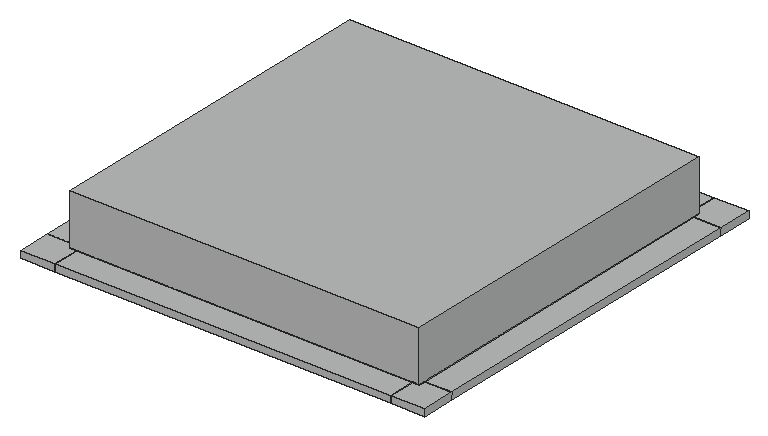
Revit family "ALUMOGIPS", category Осветительные приборы, Revit 2019 (continued)
Types (72, lengths in mm): name | Файл фотометрической сетки | built-in parameter 1150105 | Lumens | built-in parameter 1150106 | built-in parameter 1150142 | Wattage | Emit from Rectangle Width | Emit from Rectangle Length | Длина | Материал светильника | Ширина | ADSK_Ток | ADSK_Полная мощность | ADSK_Обозначение | ADSK_Номинальная мощность | ADSK_Наименование | ADSK_Масса | ADSK_Код изделия
  Alumogips-38/opal-sand 595х595 (IP54, 4000К, серый) c БАП на 1 час | "Светильник ALUMOGIPS-38 OPAL-SAND-(595x595).IES" | 302.39 (stored number, unit not read) | 3800 lm | 3.0239 (stored number, unit not read) | "IESNA:LM-63-95\r\n[TEST] Протокол № 50-12 \r\n[DATA] 20.06.2016\r\n[MORE] \r\n[MANUFAC] ЗАО \"Центрстройсвет\"\r\n[LUMCAT]  Светильник ALUMOGIPS-38/OPAL-SAND-(595x595)\r\n[LUMINAIRE]\r\n[LAMPCAT] Светодиоды\r\n[LAMP] Поток источника света (светодиодов) не известен\r\n[MORE] КСС приведена в абсолютных величинах кд\r\n[MORE] Вместо потока лампы, указан поток светильника.\r\nTILT=NONE\r\n1    3750 1.0 37 73 1 2 0.595 0.595 0.04\r\n1.0 1.0 38.7\r\n0.0 5.0 10.0 15.0 20.0 25.0 30.0 35.0 40.0 45.0 50.0 55.0 60.0 65.0 70.0 75.0 80.0 85.0 90.0 95.0 100.0 105.0 110.0 115.0 120.0 125.0 130.0 135.0 140.0 145.0 150.0 155.0 160.0 165.0 170.0 175.0 180.0\r\n0.0 5.0 10.0 15.0 20.0 25.0 30.0 35.0 40.0 45.0 50.0 55.0 60.0 65.0 70.0 75.0 80.0 85.0 90.0 95.0 100.0 105.0 110.0 115.0 120.0 125.0 130.0 135.0 140.0 145.0 150.0 155.0 160.0 165.0 170.0 175.0 180.0 185.0 190.0 195.0 200.0 205.0 210.0 215.0 220.0 225.0 230.0 235.0 240.0 245.0 250.0 255.0 260.0 265.0 270.0 275.0 280.0 285.0 290.0 295.0 300.0 305.0 310.0 315.0 320.0 325.0 330.0 335.0 340.0 345.0 350.0 355.0 360.0\r\n1391.4 1390.6 1365.7 1330.6 1277.5 1214.9 1147.5 1059.6 967.6 873.2 772.4 664.9 556.3 449.1 342.7 240.6 147.1 64.2 4.7 0.0 0.0 0.0 0.0 0.0 0.0 0.0 0.0 0.0 0.0 0.0 0.0 0.0 0.0 0.0 0.0 0.0 0.0\r\n1391.4 1390.5 1367.8 1332.7 1284.3 1221.3 1147.0 1062.1 969.2 872.4 773.2 666.3 557.1 450.1 343.8 241.9 146.9 64.7 5.2 0.0 0.0 0.0 0.0 0.0 0.0 0.0 0.0 0.0 0.0 0.0 0.0 0.0 0.0 0.0 0.0 0.0 0.0\r\n1391.4 1390.2 1372.0 1333.3 1277.3 1216.8 1144.5 1057.4 969.6 875.1 773.8 669.5 560.0 454.6 345.8 242.4 148.5 65.8 5.4 0.0 0.0 0.0 0.0 0.0 0.0 0.0 0.0 0.0 0.0 0.0 0.0 0.0 0.0 0.0 0.0 0.0 0.0\r\n1391.4 1389.8 1371.2 1330.7 1279.5 1220.5 1148.3 1059.9 967.7 873.2 767.5 666.8 561.4 453.0 347.1 243.7 149.9 65.6 5.8 0.0 0.0 0.0 0.0 0.0 0.0 0.0 0.0 0.0 0.0 0.0 0.0 0.0 0.0 0.0 0.0 0.0 0.0\r\n1391.4 1389.8 1368.3 1329.3 1285.0 1214.6 1141.1 1058.7 971.8 871.3 775.2 666.9 559.4 452.6 345.8 242.5 150.0 65.8 6.1 0.0 0.0 0.0 0.0 0.0 0.0 0.0 0.0 0.0 0.0 0.0 0.0 0.0 0.0 0.0 0.0 0.0 0.0\r\n1391.4 1390.5 1367.3 1332.3 1281.7 1219.0 1142.8 1064.6 970.5 874.4 772.1 667.5 560.2 453.0 346.2 241.8 149.4 65.7 5.6 0.0 0.0 0.0 0.0 0.0 0.0 0.0 0.0 0.0 0.0 0.0 0.0 0.0 0.0 0.0 0.0 0.0 0.0\r\n1391.4 1391.4 1368.1 1333.5 1277.3 1215.7 1139.0 1059.6 968.1 872.4 771.6 667.4 558.8 453.3 344.3 243.9 148.4 65.7 5.4 0.0 0.0 0.0 0.0 0.0 0.0 0.0 0.0 0.0 0.0 0.0 0.0 0.0 0.0 0.0 0.0 0.0 0.0\r\n1391.4 1391.7 1368.1 1330.4 1278.2 1213.9 1142.4 1061.6 967.4 875.1 772.0 669.3 561.1 452.5 345.2 242.1 148.3 65.4 5.5 0.0 0.0 0.0 0.0 0.0 0.0 0.0 0.0 0.0 0.0 0.0 0.0 0.0 0.0 0.0 0.0 0.0 0.0\r\n1391.4 1391.5 1371.0 1328.4 1278.5 1216.7 1142.1 1061.2 971.8 874.7 772.1 668.9 560.8 452.9 345.4 243.3 147.7 66.0 5.4 0.0 0.0 0.0 0.0 0.0 0.0 0.0 0.0 0.0 0.0 0.0 0.0 0.0 0.0 0.0 0.0 0.0 0.0\r\n1391.4 1391.5 1373.2 1330.5 1277.3 1215.5 1143.2 1063.6 967.0 872.7 772.2 669.4 558.9 453.2 346.6 241.9 148.1 65.2 5.5 0.0 0.0 0.0 0.0 0.0 0.0 0.0 0.0 0.0 0.0 0.0 0.0 0.0 0.0 0.0 0.0 0.0 0.0\r\n1391.4 1391.4 1369.7 1328.3 1281.3 1216.0 1139.8 1057.9 968.7 875.3 773.9 667.6 561.8 454.0 344.0 243.1 147.2 65.6 5.5 0.0 0.0 0.0 0.0 0.0 0.0 0.0 0.0 0.0 0.0 0.0 0.0 0.0 0.0 0.0 0.0 0.0 0.0\r\n1391.4 1390.5 1367.9 1330.1 1278.1 1218.1 1138.9 1061.0 970.0 871.8 770.4 669.3 560.2 453.4 346.9 242.1 148.3 65.2 5.2 0.0 0.0 0.0 0.0 0.0 0.0 0.0 0.0 0.0 0.0 0.0 0.0 0.0 0.0 0.0 0.0 0.0 0.0\r\n1391.4 1389.3 1368.2 1329.1 1280.8 1214.4 1142.5 1059.2 967.2 874.3 772.4 668.0 563.1 452.3 345.7 242.8 146.8 64.9 5.1 0.0 0.0 0.0 0.0 0.0 0.0 0.0 0.0 0.0 0.0 0.0 0.0 0.0 0.0 0.0 0.0 0.0 0.0\r\n1391.4 1388.6 1367.4 1327.8 1278.0 1215.7 1141.0 1061.0 971.5 877.3 771.2 667.3 561.5 453.0 346.4 242.4 146.3 64.8 5.2 0.0 0.0 0.0 0.0 0.0 0.0 0.0 0.0 0.0 0.0 0.0 0.0 0.0 0.0 0.0 0.0 0.0 0.0\r\n1391.4 1388.0 1367.6 1326.7 1278.3 1218.0 1140.9 1061.5 968.4 873.4 770.1 666.6 562.1 454.6 344.8 241.8 146.4 64.0 5.5 0.0 0.0 0.0 0.0 0.0 0.0 0.0 0.0 0.0 0.0 0.0 0.0 0.0 0.0 0.0 0.0 0.0 0.0\r\n1391.4 1387.2 1366.1 1331.0 1281.4 1216.3 1142.7 1059.1 969.4 871.5 772.2 667.3 560.5 453.0 344.4 242.2 146.4 63.8 5.6 0.0 0.0 0.0 0.0 0.0 0.0 0.0 0.0 0.0 0.0 0.0 0.0 0.0 0.0 0.0 0.0 0.0 0.0\r\n1391.4 1387.1 1366.3 1328.7 1276.9 1214.5 1141.2 1059.3 968.4 874.3 775.5 668.3 562.5 454.9 346.4 241.3 146.2 63.5 5.7 0.0 0.0 0.0 0.0 0.0 0.0 0.0 0.0 0.0 0.0 0.0 0.0 0.0 0.0 0.0 0.0 0.0 0.0\r\n1391.4 1388.4 1366.0 1329.7 1279.2 1217.9 1140.0 1060.5 969.0 873.9 772.0 671.3 560.4 453.2 343.7 241.7 145.8 63.7 5.4 0.0 0.0 0.0 0.0 0.0 0.0 0.0 0.0 0.0 0.0 0.0 0.0 0.0 0.0 0.0 0.0 0.0 0.0\r\n1391.4 1389.6 1367.7 1329.3 1277.2 1211.1 1140.1 1061.0 971.0 871.2 769.2 669.1 561.5 453.1 343.3 241.9 145.8 63.4 5.2 0.0 0.0 0.0 0.0 0.0 0.0 0.0 0.0 0.0 0.0 0.0 0.0 0.0 0.0 0.0 0.0 0.0 0.0\r\n1391.4 1388.8 1366.9 1327.1 1279.4 1214.2 1142.5 1056.4 970.7 870.3 771.0 665.1 560.4 453.3 343.8 241.1 145.7 63.4 5.2 0.0 0.0 0.0 0.0 0.0 0.0 0.0 0.0 0.0 0.0 0.0 0.0 0.0 0.0 0.0 0.0 0.0 0.0\r\n1391.4 1387.2 1365.8 1328.9 1276.6 1210.2 1141.4 1059.3 966.6 871.4 770.5 667.4 559.2 451.4 344.2 241.0 145.6 63.2 5.1 0.0 0.0 0.0 0.0 0.0 0.0 0.0 0.0 0.0 0.0 0.0 0.0 0.0 0.0 0.0 0.0 0.0 0.0\r\n1391.4 1386.8 1364.4 1329.8 1279.4 1213.7 1144.0 1059.0 965.3 873.7 768.8 668.9 559.4 449.5 342.6 241.5 144.6 63.4 5.0 0.0 0.0 0.0 0.0 0.0 0.0 0.0 0.0 0.0 0.0 0.0 0.0 0.0 0.0 0.0 0.0 0.0 0.0\r\n1391.4 1388.1 1365.8 1328.1 1273.8 1213.4 1137.9 1059.2 967.3 869.2 769.3 667.7 558.4 451.4 344.0 240.6 145.7 63.4 4.9 0.0 0.0 0.0 0.0 0.0 0.0 0.0 0.0 0.0 0.0 0.0 0.0 0.0 0.0 0.0 0.0 0.0 0.0\r\n1391.4 1389.2 1364.4 1323.2 1276.3 1213.8 1137.6 1055.3 963.1 871.0 767.7 664.1 559.7 447.1 342.4 240.1 145.2 63.9 5.1 0.0 0.0 0.0 0.0 0.0 0.0 0.0 0.0 0.0 0.0 0.0 0.0 0.0 0.0 0.0 0.0 0.0 0.0\r\n1391.4 1388.4 1362.3 1326.8 1274.4 1212.2 1137.9 1054.7 966.7 867.9 768.7 663.4 557.3 449.2 343.3 240.0 145.7 63.6 5.0 0.0 0.0 0.0 0.0 0.0 0.0 0.0 0.0 0.0 0.0 0.0 0.0 0.0 0.0 0.0 0.0 0.0 0.0\r\n1391.4 1386.2 1361.8 1326.5 1273.3 1211.2 1134.5 1048.6 964.3 866.3 767.8 662.9 556.7 449.5 341.9 239.8 145.7 63.7 5.0 0.0 0.0 0.0 0.0 0.0 0.0 0.0 0.0 0.0 0.0 0.0 0.0 0.0 0.0 0.0 0.0 0.0 0.0\r\n1391.4 1384.4 1363.5 1324.4 1272.0 1209.5 1137.2 1053.0 960.2 867.5 767.9 662.7 556.7 449.2 342.5 239.1 146.2 63.8 4.8 0.0 0.0 0.0 0.0 0.0 0.0 0.0 0.0 0.0 0.0 0.0 0.0 0.0 0.0 0.0 0.0 0.0 0.0\r\n1391.4 1383.7 1362.4 1324.4 1274.0 1209.5 1134.4 1050.1 965.4 864.9 764.6 662.3 556.6 447.9 340.5 240.3 145.5 64.6 4.6 0.0 0.0 0.0 0.0 0.0 0.0 0.0 0.0 0.0 0.0 0.0 0.0 0.0 0.0 0.0 0.0 0.0 0.0\r\n1391.4 1384.4 1361.9 1326.9 1270.2 1207.3 1132.7 1050.1 959.7 867.7 763.1 662.2 555.0 447.3 343.0 238.3 145.8 63.9 4.7 0.0 0.0 0.0 0.0 0.0 0.0 0.0 0.0 0.0 0.0 0.0 0.0 0.0 0.0 0.0 0.0 0.0 0.0\r\n1391.4 1385.1 1363.0 1320.0 1270.4 1207.9 1134.4 1055.0 963.5 867.3 766.7 660.7 555.9 450.1 342.6 240.2 145.9 64.3 4.9 0.0 0.0 0.0 0.0 0.0 0.0 0.0 0.0 0.0 0.0 0.0 0.0 0.0 0.0 0.0 0.0 0.0 0.0\r\n1391.4 1384.9 1362.3 1321.4 1273.1 1208.0 1135.4 1052.3 961.9 865.0 764.0 660.8 553.5 447.6 341.2 240.3 146.1 63.8 4.8 0.0 0.0 0.0 0.0 0.0 0.0 0.0 0.0 0.0 0.0 0.0 0.0 0.0 0.0 0.0 0.0 0.0 0.0\r\n1391.4 1383.8 1361.2 1322.1 1265.1 1211.5 1132.8 1049.3 961.3 863.4 764.0 661.0 550.7 447.9 341.0 240.1 146.2 63.8 4.6 0.0 0.0 0.0 0.0 0.0 0.0 0.0 0.0 0.0 0.0 0.0 0.0 0.0 0.0 0.0 0.0 0.0 0.0\r\n1391.4 1382.8 1359.3 1321.5 1269.3 1206.8 1132.8 1051.1 958.3 863.2 763.1 662.7 553.4 448.0 340.4 240.0 145.8 63.8 4.0 0.0 0.0 0.0 0.0 0.0 0.0 0.0 0.0 0.0 0.0 0.0 0.0 0.0 0.0 0.0 0.0 0.0 0.0\r\n1391.4 1382.6 1359.0 1319.6 1268.1 1204.3 1129.8 1049.0 957.7 861.8 761.7 658.4 554.2 446.1 340.4 239.0 145.6 63.8 3.8 0.0 0.0 0.0 0.0 0.0 0.0 0.0 0.0 0.0 0.0 0.0 0.0 0.0 0.0 0.0 0.0 0.0 0.0\r\n1391.4 1382.8 1358.5 1315.8 1266.5 1202.1 1128.5 1049.2 957.6 860.0 762.1 658.2 549.9 443.8 339.6 238.4 145.7 63.6 3.7 0.0 0.0 0.0 0.0 0.0 0.0 0.0 0.0 0.0 0.0 0.0 0.0 0.0 0.0 0.0 0.0 0.0 0.0\r\n1391.4 1382.2 1360.5 1319.2 1265.9 1204.5 1129.9 1046.9 955.0 862.9 758.9 657.9 552.5 444.9 338.9 238.8 145.3 63.6 3.3 0.0 0.0 0.0 0.0 0.0 0.0 0.0 0.0 0.0 0.0 0.0 0.0 0.0 0.0 0.0 0.0 0.0 0.0\r\n1391.4 1381.1 1361.2 1321.0 1268.1 1203.8 1128.8 1047.4 955.6 863.7 761.1 656.4 551.5 445.2 339.2 238.5 144.7 62.5 3.5 0.0 0.0 0.0 0.0 0.0 0.0 0.0 0.0 0.0 0.0 0.0 0.0 0.0 0.0 0.0 0.0 0.0 0.0\r\n1391.4 1380.6 1359.0 1316.4 1268.5 1204.0 1126.1 1049.5 956.2 859.6 759.7 656.5 549.2 444.3 338.4 236.1 143.8 61.6 3.2 0.0 0.0 0.0 0.0 0.0 0.0 0.0 0.0 0.0 0.0 0.0 0.0 0.0 0.0 0.0 0.0 0.0 0.0\r\n1391.4 1380.7 1356.6 1316.0 1267.0 1205.6 1130.3 1044.8 956.9 856.7 759.3 653.5 548.1 441.9 335.3 235.4 141.4 60.3 2.9 0.0 0.0 0.0 0.0 0.0 0.0 0.0 0.0 0.0 0.0 0.0 0.0 0.0 0.0 0.0 0.0 0.0 0.0\r\n1391.4 1380.4 1354.4 1317.9 1268.8 1199.0 1129.0 1044.0 956.9 860.6 758.3 656.9 549.1 442.0 334.4 236.1 141.7 60.5 2.6 0.0 0.0 0.0 0.0 0.0 0.0 0.0 0.0 0.0 0.0 0.0 0.0 0.0 0.0 0.0 0.0 0.0 0.0\r\n1391.4 1380.1 1356.7 1322.1 1264.6 1201.7 1129.9 1047.4 957.2 859.7 758.2 656.1 549.4 442.8 335.3 235.8 141.3 60.6 2.3 0.0 0.0 0.0 0.0 0.0 0.0 0.0 0.0 0.0 0.0 0.0 0.0 0.0 0.0 0.0 0.0 0.0 0.0\r\n1391.4 1379.9 1357.3 1317.5 1265.9 1207.8 1129.2 1046.5 955.7 860.2 758.6 656.9 550.7 441.9 335.4 233.9 140.6 60.2 2.4 0.0 0.0 0.0 0.0 0.0 0.0 0.0 0.0 0.0 0.0 0.0 0.0 0.0 0.0 0.0 0.0 0.0 0.0\r\n1391.4 1379.2 1355.5 1314.6 1269.3 1203.7 1133.5 1044.8 957.2 857.9 762.0 656.6 548.7 440.4 335.9 234.5 140.4 59.8 2.8 0.0 0.0 0.0 0.0 0.0 0.0 0.0 0.0 0.0 0.0 0.0 0.0 0.0 0.0 0.0 0.0 0.0 0.0\r\n1391.4 1377.9 1357.1 1319.2 1271.9 1204.4 1128.6 1050.2 953.1 856.9 757.6 653.7 548.9 439.9 335.4 232.4 140.5 59.2 3.0 0.0 0.0 0.0 0.0 0.0 0.0 0.0 0.0 0.0 0.0 0.0 0.0 0.0 0.0 0.0 0.0 0.0 0.0\r\n1391.4 1377.2 1356.3 1322.9 1266.0 1204.8 1132.2 1049.0 958.1 859.3 759.0 654.6 547.0 441.6 334.9 232.1 139.3 58.8 2.9 0.0 0.0 0.0 0.0 0.0 0.0 0.0 0.0 0.0 0.0 0.0 0.0 0.0 0.0 0.0 0.0 0.0 0.0\r\n1391.4 1377.8 1353.8 1319.7 1269.6 1207.9 1135.8 1049.5 955.8 858.0 762.4 655.9 548.2 441.6 335.6 231.7 139.4 58.8 2.8 0.0 0.0 0.0 0.0 0.0 0.0 0.0 0.0 0.0 0.0 0.0 0.0 0.0 0.0 0.0 0.0 0.0 0.0\r\n1391.4 1378.5 1355.2 1319.8 1267.3 1206.5 1131.2 1046.1 954.6 861.2 756.6 653.8 548.1 440.3 335.0 232.6 138.6 59.0 2.9 0.0 0.0 0.0 0.0 0.0 0.0 0.0 0.0 0.0 0.0 0.0 0.0 0.0 0.0 0.0 0.0 0.0 0.0\r\n1391.4 1378.6 1355.1 1318.3 1269.7 1200.8 1133.1 1049.0 957.6 862.5 762.4 656.9 549.3 443.5 334.7 231.2 138.8 58.1 3.0 0.0 0.0 0.0 0.0 0.0 0.0 0.0 0.0 0.0 0.0 0.0 0.0 0.0 0.0 0.0 0.0 0.0 0.0\r\n1391.4 1378.8 1355.8 1321.7 1268.8 1210.0 1129.0 1048.5 958.8 862.4 762.2 656.4 549.0 441.1 335.4 231.5 138.5 58.1 3.0 0.0 0.0 0.0 0.0 0.0 0.0 0.0 0.0 0.0 0.0 0.0 0.0 0.0 0.0 0.0 0.0 0.0 0.0\r\n1391.4 1379.6 1357.6 1321.7 1269.0 1207.1 1133.9 1047.0 964.1 863.3 761.9 656.4 551.5 440.7 334.9 232.2 137.6 58.1 2.8 0.0 0.0 0.0 0.0 0.0 0.0 0.0 0.0 0.0 0.0 0.0 0.0 0.0 0.0 0.0 0.0 0.0 0.0\r\n1391.4 1380.6 1357.7 1319.2 1272.0 1207.5 1131.3 1054.6 959.0 863.3 764.8 655.9 549.1 443.0 335.1 231.3 138.0 58.1 2.7 0.0 0.0 0.0 0.0 0.0 0.0 0.0 0.0 0.0 0.0 0.0 0.0 0.0 0.0 0.0 0.0 0.0 0.0\r\n1391.4 1381.5 1358.5 1321.9 1271.0 1204.1 1135.9 1055.8 962.5 865.5 761.1 656.9 550.6 442.0 335.3 231.9 137.4 57.9 2.6 0.0 0.0 0.0 0.0 0.0 0.0 0.0 0.0 0.0 0.0 0.0 0.0 0.0 0.0 0.0 0.0 0.0 0.0\r\n1391.4 1381.3 1358.5 1322.3 1270.8 1207.2 1133.7 1051.9 958.0 867.3 767.5 657.0 552.1 442.3 333.6 231.2 137.9 57.8 2.6 0.0 0.0 0.0 0.0 0.0 0.0 0.0 0.0 0.0 0.0 0.0 0.0 0.0 0.0 0.0 0.0 0.0 0.0\r\n1391.4 1380.6 1359.4 1319.7 1270.6 1209.0 1133.0 1052.1 963.9 867.5 764.1 660.0 554.0 443.3 334.8 231.7 137.6 57.8 2.7 0.0 0.0 0.0 0.0 0.0 0.0 0.0 0.0 0.0 0.0 0.0 0.0 0.0 0.0 0.0 0.0 0.0 0.0\r\n1391.4 1381.3 1359.9 1321.3 1270.6 1204.8 1135.0 1051.3 962.1 865.5 761.7 660.3 553.1 443.5 334.1 231.9 137.9 57.8 2.8 0.0 0.0 0.0 0.0 0.0 0.0 0.0 0.0 0.0 0.0 0.0 0.0 0.0 0.0 0.0 0.0 0.0 0.0\r\n1391.4 1383.1 1362.1 1324.8 1273.8 1208.7 1134.8 1055.9 961.8 866.4 762.3 659.7 552.4 443.7 334.4 232.8 138.0 58.0 2.8 0.0 0.0 0.0 0.0 0.0 0.0 0.0 0.0 0.0 0.0 0.0 0.0 0.0 0.0 0.0 0.0 0.0 0.0\r\n1391.4 1384.6 1360.4 1321.7 1272.0 1210.6 1130.9 1052.5 963.1 866.7 767.4 659.3 553.7 444.6 335.4 233.1 138.3 58.0 2.8 0.0 0.0 0.0 0.0 0.0 0.0 0.0 0.0 0.0 0.0 0.0 0.0 0.0 0.0 0.0 0.0 0.0 0.0\r\n1391.4 1385.6 1357.5 1324.7 1273.9 1211.6 1134.3 1052.7 963.6 865.4 763.1 658.7 552.2 444.9 336.9 232.8 138.8 58.6 2.9 0.0 0.0 0.0 0.0 0.0 0.0 0.0 0.0 0.0 0.0 0.0 0.0 0.0 0.0 0.0 0.0 0.0 0.0\r\n1391.4 1386.4 1357.8 1323.4 1273.2 1212.2 1136.3 1054.7 967.5 867.5 764.0 659.4 553.3 443.7 336.8 233.2 138.9 58.5 3.1 0.0 0.0 0.0 0.0 0.0 0.0 0.0 0.0 0.0 0.0 0.0 0.0 0.0 0.0 0.0 0.0 0.0 0.0\r\n1391.4 1386.6 1362.0 1324.9 1273.2 1211.3 1139.0 1049.9 960.3 866.4 768.0 661.3 552.2 443.4 336.3 233.4 139.8 58.9 3.1 0.0 0.0 0.0 0.0 0.0 0.0 0.0 0.0 0.0 0.0 0.0 0.0 0.0 0.0 0.0 0.0 0.0 0.0\r\n1391.4 1386.0 1360.5 1326.0 1271.8 1212.0 1137.2 1059.3 963.5 867.6 766.9 661.2 552.3 445.8 337.8 233.6 141.0 59.2 3.3 0.0 0.0 0.0 0.0 0.0 0.0 0.0 0.0 0.0 0.0 0.0 0.0 0.0 0.0 0.0 0.0 0.0 0.0\r\n1391.4 1385.0 1362.3 1325.1 1272.0 1207.1 1138.5 1053.6 964.5 865.8 766.5 661.6 554.3 445.9 337.0 234.5 140.4 60.2 3.5 0.0 0.0 0.0 0.0 0.0 0.0 0.0 0.0 0.0 0.0 0.0 0.0 0.0 0.0 0.0 0.0 0.0 0.0\r\n1391.4 1384.4 1361.8 1323.6 1274.0 1214.8 1138.9 1053.9 968.0 867.9 769.0 663.8 555.6 446.7 339.6 235.0 141.3 60.4 3.4 0.0 0.0 0.0 0.0 0.0 0.0 0.0 0.0 0.0 0.0 0.0 0.0 0.0 0.0 0.0 0.0 0.0 0.0\r\n1391.4 1385.0 1360.9 1322.2 1272.4 1209.8 1137.2 1055.7 962.7 869.7 769.6 658.2 556.6 447.4 338.5 236.2 142.5 60.7 3.4 0.0 0.0 0.0 0.0 0.0 0.0 0.0 0.0 0.0 0.0 0.0 0.0 0.0 0.0 0.0 0.0 0.0 0.0\r\n1391.4 1386.6 1363.1 1323.6 1272.5 1211.5 1139.2 1058.4 969.9 868.0 768.8 664.6 556.3 445.8 342.1 236.1 142.3 61.2 3.5 0.0 0.0 0.0 0.0 0.0 0.0 0.0 0.0 0.0 0.0 0.0 0.0 0.0 0.0 0.0 0.0 0.0 0.0\r\n1391.4 1388.6 1360.9 1330.2 1273.7 1213.2 1138.7 1058.3 966.2 867.0 766.8 663.4 553.3 447.1 339.2 238.7 143.0 61.4 3.8 0.0 0.0 0.0 0.0 0.0 0.0 0.0 0.0 0.0 0.0 0.0 0.0 0.0 0.0 0.0 0.0 0.0 0.0\r\n1391.4 1389.8 1360.8 1328.4 1276.8 1216.0 1140.1 1055.8 963.1 870.3 768.4 663.1 554.0 449.1 340.1 237.3 144.8 61.7 3.8 0.0 0.0 0.0 0.0 0.0 0.0 0.0 0.0 0.0 0.0 0.0 0.0 0.0 0.0 0.0 0.0 0.0 0.0\r\n1391.4 1389.3 1362.5 1325.9 1278.0 1210.4 1138.2 1054.7 967.8 872.7 770.2 661.9 556.5 446.9 341.3 237.7 144.4 62.5 3.9 0.0 0.0 0.0 0.0 0.0 0.0 0.0 0.0 0.0 0.0 0.0 0.0 0.0 0.0 0.0 0.0 0.0 0.0\r\n1391.4 1387.8 1365.8 1326.6 1274.3 1213.2 1141.4 1053.1 966.2 871.2 768.4 663.7 555.0 447.1 341.3 238.2 144.3 62.7 4.1 0.0 0.0 0.0 0.0 0.0 0.0 0.0 0.0 0.0 0.0 0.0 0.0 0.0 0.0 0.0 0.0 0.0 0.0\r\n1391.4 1387.2 1364.2 1328.3 1274.8 1209.4 1145.0 1060.0 963.9 867.5 766.5 663.4 556.7 448.2 340.9 240.3 144.7 63.3 4.0 0.0 0.0 0.0 0.0 0.0 0.0 0.0 0.0 0.0 0.0 0.0 0.0 0.0 0.0 0.0 0.0 0.0 0.0\r\n1391.4 1388.4 1364.9 1332.6 1279.0 1215.6 1140.9 1056.3 969.3 867.1 770.0 663.8 559.0 449.0 342.4 240.3 145.7 63.3 4.7 0.0 0.0 0.0 0.0 0.0 0.0 0.0 0.0 0.0 0.0 0.0 0.0 0.0 0.0 0.0 0.0 0.0 0.0\r\n1391.4 1390.0 1364.5 1329.3 1281.4 1217.7 1141.3 1063.3 970.3 871.1 768.8 663.5 555.2 449.3 342.4 239.8 146.6 63.3 4.9 0.0 0.0 0.0 0.0 0.0 0.0 0.0 0.0 0.0 0.0 0.0 0.0 0.0 0.0 0.0 0.0 0.0 0.0\r\n1391.4 1390.6 1365.7 1330.6 1277.5 1214.9 1147.5 1059.6 967.6 873.2 772.4 664.9 556.3 449.1 342.7 240.6 147.1 64.2 4.7 0.0 0.0 0.0 0.0 0.0 0.0 0.0 0.0 0.0 0.0 0.0 0.0 0.0 0.0 0.0 0.0 0.0 0.0\r\n" | 25.582 W | 575 | 575 | 595 | RAL 9006 | 595 | 0.179584 A | 41.3043 VA | "Alumogips-38/opal-sand 595х595 (IP54, 4000К, серый)" | 38 W | "Встраиваемый светодиодный светильник Alumogips-38/opal-sand 595х595 (IP54, 4000К, серый) c БАП на 1 час" | 2.4 | "ЦБ0000
    07256"
